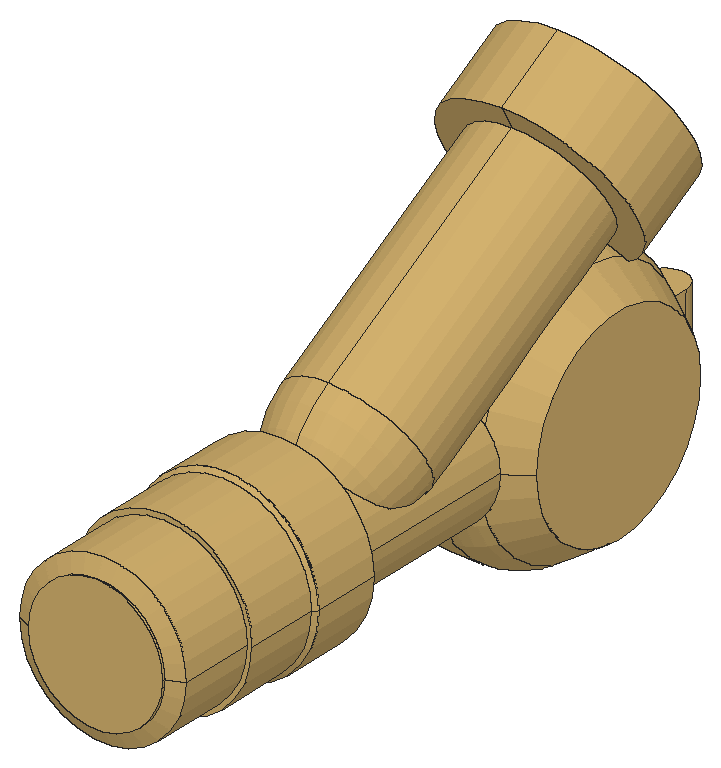
Revit family "Plumbing_Joints_Aignep_Saddle-Clamp-Connector-90240", category Pipe Fittings, Revit 2018
Family settings
  Round Connector Dimension = Use Diameter
  Part Type = Tee
  OmniClass Number = 23.27.43.00
  Work Plane-Based = No
  Always vertical = Yes
  Cut with Voids When Loaded = No
  Shared = No
Parameters (values of type "90240")
  R3 [instance] = Nominal Diameter 01 * 0.25  # 8.00 mm
  R2 [instance] = (L4 - AD) * 2.25  # 36.00 mm
  R1 [instance] = Nominal Diameter 01 * 0.2  # 6.40 mm
  Product Material = AIGNEP - Brass - Yellow
  ND2O [instance] = Nominal Diameter 02 * 1.25  # 25.00 mm
  Material secondary = ""
  CH1 [instance] = size_lookup(Lookup Table Name, "CH1", 0.00 mm, Nominal Diameter 01, Nominal Diameter 02)  # 5.00 mm
  AD [instance] = L4 - Nominal Diameter 02 * 0.8  # 41.00 mm
  B/2 [instance] = B / 2  # 15.75 mm
  Tick Size 02 [instance] = Nominal Diameter 02 * 0.8  # 16.00 mm
  QR code = "https://www.bimobject.com/en-us/aignep/product/saddle-clamp-connector-90240"
  Product url = "https://www.aignep.com/eng/Pipe-fittings-INFINITY/Air-Pipeline-INFINITY-Series/SADDLE-CLAMP-CONNECTOR"
  Product name = "Saddle clamp connector - 90240"
  Product group = "Fittings"
  Product family = "INFINITY"
  Product certification = "https://www.aignep.com/eng/Certificazioni/FREE-OF-SILICON"
  Product SKU = "Saddle-clamp-connector-90240"
  OmniClass Description = "Pipe Fittings"
  OmniClass Code = "23-27 43 00"
  Nominal Diameter 02 [instance] = 20 mm
  Nominal Diameter 01 [instance] = 32 mm
  Material main = "Brass"
  Manufacturer name = "Aignep Spa"
  Manufacturer country = "Italy"
  L2 [instance] = size_lookup(Lookup Table Name, "L2", 0.00 mm, Nominal Diameter 01, Nominal Diameter 02)  # 100.50 mm
  L1 [instance] = size_lookup(Lookup Table Name, "L1", 0.00 mm, Nominal Diameter 01, Nominal Diameter 02)  # 136.50 mm
  IFC Classification = "Pipe Fitting"
  Design country = "Italy"
  Description = "Saddle clamp connector"  # constant formula
  CH [instance] = size_lookup(Lookup Table Name, "CH", 0.00 mm, Nominal Diameter 01, Nominal Diameter 02)  # 30.00 mm
  L4 [instance] = size_lookup(Lookup Table Name, "L4", 0.00 mm, Nominal Diameter 01, Nominal Diameter 02)  # 57.00 mm
  L3 [instance] = size_lookup(Lookup Table Name, "L3", 0.00 mm, Nominal Diameter 01, Nominal Diameter 02)  # 78.00 mm
  URL = "https://www.aignep.com/"
  Tick Size 01 [instance] = Nominal Diameter 01 * 0.8  # 25.60 mm
  Product data url = "https://www.bimobject.com/aignep/product/saddle-clamp-connector-90240"
  Product Guid = "00a60b4e-ab84-47b8-8dff-073ddd7285eb"
  Model = "90240"  # constant formula
  Manufacturer = "Aignep Spa"  # constant formula
  Lookup Table Name = "Tee - 90240"  # constant formula
  Keynote = "15410"
  Edition number = 1
  F [instance] = size_lookup(Lookup Table Name, "F", 0.00 mm, Nominal Diameter 01, Nominal Diameter 02)  # 34.00 mm
  E [instance] = size_lookup(Lookup Table Name, "E", 0.00 mm, Nominal Diameter 01, Nominal Diameter 02)  # 34.50 mm
  BIMobject category = "Joints"
  B [instance] = size_lookup(Lookup Table Name, "B", 0.00 mm, Nominal Diameter 01, Nominal Diameter 02)  # 31.50 mm
  Assembly Code = "D2040100"
  Article Code [instance] = size_lookup(Lookup Table Name, "", "", Nominal Diameter 01, Nominal Diameter 02)  # "90240 00 003"
Reference planes
  plane 1 "Center (Front/Back)": y = 0
  plane 2: z = 0
  plane 3 "Center (Left/Right)": x = 0
  plane 4: x = -17
  plane 5: x = 17
  plane 6: y = -69
  plane 7: x = 48.5
  plane 8: x = -88
  plane 9: y = -100.5
  plane 10: y = 16
  plane 11: y = -16
  plane 12: x = -17.25
  plane 13: x = 17.25
  plane 14: y = 36
  plane 15: z = -100.5
  plane 16: z = 36
  plane 17: z = 57
  plane 18: z = -21
  plane 19: z = 26
Forms (mm)
  Sweep 1, solid, material "AIGNEP - Brass - Yellow" <- "Product Material", not visible, detail levels coarse
    path in 3D
      loop
        line (-17, 0, 0) -> (17, 0, 0)
    profile origin (0, 0, 0) x (0, 1, 0) y (0, 0, 1)
      loop
        circle (0, 0) r 16
  Sweep 2, solid, not visible, detail levels coarse
    path in 3D
      loop
        line (0, 0, 0) -> (0, -69, 0)
    profile origin (0, -34.5, 0) x (1, 0, 0) y (0, 0, 1)
      loop
        circle (0, 0) r 10
  Sweep 3, solid, material "AIGNEP - Brass - Yellow" <- "Product Material", detail levels fine
    path origin (-32.5, 55.314, 1200) x (0, 1, 0) y (0, 0, 1)
      loop
        circle (-55.314, -1200) r 16
    profile origin (-32.5, 0, 16) x (0, 0, -1) y (1, 0, 0)
      loop
        line (0, 15.5) -> (0, 49.5) -> (-3, 49.5) -> (-7.683, 42.622)
        arc (-7.683, 42.622) -> (-9.405, 39.35) -> (-10, 35.7) r 11.5
        line (-10, 35.7) -> (-10, 29.3)
        arc (-10, 29.3) -> (-9.405, 25.65) -> (-7.683, 22.378) r 11.5
        line (-7.683, 22.378) -> (-3, 15.5) -> (0, 15.5)
  Sweep 4, solid, material "AIGNEP - Brass - Yellow" <- "Product Material", detail levels fine
    path origin (0, 0, 0) x (1, 0, 0) y (0, 0, 1)
      loop
        circle (0, 0) r 10
    profile origin (0, 0, 10) x (0, 0, -1) y (0, -1, 0)
      loop
        line (0, 100.5) -> (-1.75, 100.5) -> (-5.55, 98.75) -> (-5.55, 84.75) -> (-6.5, 84.75) -> (-6.5, 71) -> (-7.25, 70.25) -> (-7.25, 57.35) -> (0, 57.35) -> (0, 100.5)
  Sweep 5, solid, material "AIGNEP - Brass - Yellow" <- "Product Material", detail levels fine
    path origin (0, 0, 0) x (0, 1, 0) y (0, 0, 1)
      loop
        line (32, 4) -> (32, -4)
    profile origin (0, 32, 0) x (1, 0, 0) y (0, 1, 0)
      loop
        line (-4, -11) -> (4, -11) -> (4, 0)
        arc (4, 0) -> (2.828, 2.828) -> (0, 4) r 4
        arc (0, 4) -> (-2.828, 2.828) -> (-4, 0) r 4
        line (-4, 0) -> (-4, -11)
  Revolve 6, solid, material "AIGNEP - Brass - Yellow" <- "Product Material", detail levels fine
    sketch origin (0, 0, 0) x (0, 1, 0) y (0, 0, 1)
      loop
        line (16, 41) -> (7.057, 57) -> (-6.037, 49.681) -> (-3.597, 45.317) -> (-46.261, 21.47)
        arc (-46.261, 21.47) -> (-54.141, 13.921) -> (-57.35, 3.491) r 21.697
        line (-57.35, 3.491) -> (-57.35, 0) -> (16, 41)
      axis (16, 41) -> (-57.35, 0)
    angle from 0 to 360
  Sweep 7, solid, material "AIGNEP - Brass - Yellow" <- "Product Material", detail levels fine
    path in 3D
      loop
        line (-17, 0, 0) -> (17, 0, 0)
    profile origin (0, 0, 0) x (0, 1, 0) y (0, 0, 1)
      loop
        circle (0, 0) r 16
  Sweep 8, solid, material "AIGNEP - Brass - Yellow" <- "Product Material", detail levels fine
    path origin (0, 0, 0) x (1, 0, 0) y (0, 1, 0)
      loop
        line (0, 0) -> (0, -100.5)
    profile origin (0, -50.25, 0) x (1, 0, 0) y (0, 0, 1)
      loop
        circle (0, 0) r 12.5
Cuts and joins
  joined: Sweep 3, Sweep 5, Sweep 7
  joined: Sweep 4, Sweep 8
Lines and regions (mm)
  model lines, detail levels coarse+medium
    curve 1: line (-17, 0, 0) -> (17, 0, 0)
    curve 2: line (0, 0, 0) -> (0, -69, 0)
    curve 3: line (-17, 12.8, 0) -> (-17, -12.8, 0)
    curve 4: line (17, 12.8, 0) -> (17, -12.8, 0)
    curve 5: line (-8, -69, 0) -> (8, -69, 0)
  sketch lines
    curve 6: line (-17, 0, 0) -> (17, 0, 0)
    curve 7: line (0, 0, 0) -> (0, -69, 0)
    curve 9: line (-17, 0, 0) -> (17, 0, 0)
  model lines, not visible, detail levels coarse
    curve 8: line (0, 16, 41) -> (0, -57.35, 0)
Dimensions and locks
  equal spacing: plane 4, plane 3 "Center (Left/Right)", plane 5
  "F": plane 4 to plane 5
  equal spacing: plane 10, plane 1 "Center (Front/Back)", plane 11
  "Nominal Diameter 01": plane 10 to plane 11
  equal spacing: plane 12, plane 3 "Center (Left/Right)", plane 13
  "E": plane 12 to plane 13
  equal spacing: curve 3, plane 1 "Center (Front/Back)", curve 3
  "Tick Size 01": curve 3 to curve 3
  equal spacing: curve 4, plane 1 "Center (Front/Back)", curve 4
  "Tick Size 01": curve 4 to curve 4
  equal spacing: curve 5, plane 3 "Center (Left/Right)", curve 5
  "Tick Size 02": curve 5 to curve 5
  "B": plane 6 to plane 9
  "L1": plane 14 to plane 9
  "L2": level to plane 15
  "L1": plane 16 to plane 15
  locked: plane 6 to Sweep 4 sketch curve at 1.25
  "B/2": Sweep 4 sketch curve to plane 9
  "L4": plane 17 to plane 2
  "L3": plane 17 to plane 18
  locked: plane 16 to plane 19 at 10
  Sweep 3 sketch curve to Sweep 3 sketch curve to profile plane = 0.00 mm locked, 3.00 mm locked
  equal spacing: Sweep 3 sketch curve, plane 3 "Center (Left/Right)", Sweep 3 sketch curve
  "R1": Sweep 3 sketch curve to Sweep 3 sketch curve
  "AD": curve 8 to plane 2
  equal spacing: Sweep 5 sketch curve, level, Sweep 5 sketch curve
  "R3": Sweep 5 sketch curve to Sweep 5 sketch curve  (x2)
  "L2": plane 9 to plane 1 "Center (Front/Back)"
  locked: Revolve 6 sketch curve to Revolve 6 sketch curve at 5
  locked: Revolve 6 sketch curve to Revolve 6 sketch curve at 15
  locked: plane 14 to Sweep 5 sketch curve at 4
  equal spacing: Sweep 5 sketch curve, profile plane, Sweep 5 sketch curve
  Sweep 5 sketch curve to plane 10 = 5.00 mm
  "Nominal Diameter 01": diameter of Sweep 1 sketch curve
  "Nominal Diameter 02": diameter of Sweep 2 sketch curve
  "Nominal Diameter 01": diameter of Sweep 3 sketch curve
  "Nominal Diameter 02": diameter of Sweep 4 sketch curve
  "Nominal Diameter 01": diameter of Sweep 7 sketch curve
  "ND2O": diameter of Sweep 8 sketch curve
  locked: curve 8 to Revolve 6 sketch curve (angle 90.00°)
  aligned and locked: level to plane 2
  aligned and locked: plane 1 "Center (Front/Back)" to curve 1
  aligned and locked: plane 4 to curve 1
  aligned and locked: curve 2 to plane 3 "Center (Left/Right)"
  aligned and locked: plane 1 "Center (Front/Back)" to curve 2
  aligned and locked: curve 3 to plane 4
  aligned and locked: plane 1 "Center (Front/Back)" to Sweep 1 sketch curve
  aligned and locked: plane 2 to Sweep 1 sketch curve
  aligned and locked: plane 3 "Center (Left/Right)" to Sweep 2 sketch curve
  aligned and locked: plane 2 to Sweep 2 sketch curve
  aligned and locked: plane 5 to curve 1
  aligned and locked: curve 4 to plane 5
  aligned and locked: curve 5 to plane 6
  aligned and locked: plane 1 "Center (Front/Back)" to Sweep 3 sketch curve
  aligned and locked: plane 2 to Sweep 3 sketch curve
  aligned and locked: Sweep 3 sketch curve to profile plane
  aligned and locked: plane 3 "Center (Left/Right)" to Sweep 4 sketch curve
  aligned and locked: level to Sweep 4 sketch curve
  aligned and locked: Sweep 4 sketch curve to plane 9
  aligned and locked: profile plane to Sweep 4 sketch curve
  aligned and locked: Sweep 3 sketch curve to plane 19
  aligned and locked: plane 2 to curve 8
  aligned and locked: Sweep 4 to curve 8
  aligned and locked: Revolve 6 sketch curve to curve 8  (x2)
  aligned and locked: Revolve 6 sketch curve to Revolve 6 sketch curve
  aligned and locked: Sweep 4 to Revolve 6 sketch curve
  aligned and locked: plane 17 to Revolve 6 sketch curve
  aligned and locked: plane 14 to Sweep 5 sketch curve
  aligned and locked: Sweep 3 sketch curve to plane 4
  aligned and locked: Sweep 3 sketch curve to plane 5
  aligned and locked: plane 1 "Center (Front/Back)" to Sweep 7 sketch curve
  aligned and locked: level to Sweep 7 sketch curve
  aligned and locked: plane 9 to Sweep 8 sketch curve
  aligned and locked: plane 1 "Center (Front/Back)" to Sweep 8 sketch curve
  aligned and locked: Sweep 8 sketch curve to plane 3 "Center (Left/Right)"
  aligned and locked: plane 3 "Center (Left/Right)" to Sweep 8 sketch curve
  aligned and locked: level to Sweep 8 sketch curve
Automatic sketch dimensions
  Revolve 6 sketch curve to plane 10 = 0.00 mm
  level to Revolve 6 sketch curve = 2.53 mm
  Revolve 6 sketch curve to plane 18 = 21.505 mm
  Revolve 6 sketch curve to Revolve 6 sketch curve = 11.089 mm
  Revolve 6 sketch curve to plane 14 = 0.707 mm
  Revolve 6 sketch curve to Revolve 6 sketch curve = 3.491 mm
  Sweep 3 sketch curve to plane 19 = 2.317 mm  (x2)
  Sweep 3 sketch curve to profile plane = 1.50 mm  (x2)
  profile plane to Sweep 4 sketch curve = 1.75 mm
  profile plane to Sweep 4 sketch curve = 5.55 mm
  profile plane to Sweep 4 sketch curve = 6.50 mm
  profile plane to Sweep 4 sketch curve = 7.25 mm
  Sweep 4 sketch curve to Sweep 4 sketch curve = 12.90 mm
  Sweep 4 sketch curve to Sweep 4 sketch curve = 0.75 mm
  Sweep 4 sketch curve to Sweep 4 sketch curve = 1.75 mm
  curve 8 to plane 10 = 0.00 mm
  Sweep 5 sketch curve to Sweep 5 sketch curve = 0.00 mm
Connectors
  piping at (-17, 0, 0), diameter 32, driven by "Nominal Diameter 01"
    settings: on Sweep 1, index 1, connector inside diameter 609.6 mm, connector length 0.00 mm, flow factor 0, pipe flow 0.0 L/s, pressure drop 0.0 Pa, fitting loss kfactor 0, connector angle 0.00°, fixture units 0, engagement length 0.00 mm, angle of deflection 0.00°, flow configuration 0, flow direction 0, fitting loss method 0, system type 28, joint type 0, gender type 0, connector reference index -1, connector utility 0, adjustable connector no, is connector primary yes, connector description ""
  piping at (17, 0, 0), diameter 32, driven by "Nominal Diameter 01"
    settings: on Sweep 1, index 2, connector inside diameter 609.6 mm, connector length 0.00 mm, flow factor 0, pipe flow 0.0 L/s, pressure drop 0.0 Pa, fitting loss kfactor 0, connector angle 0.00°, fixture units 0, engagement length 0.00 mm, angle of deflection 0.00°, flow configuration 0, flow direction 0, fitting loss method 0, system type 28, joint type 0, gender type 0, connector reference index -1, connector utility 0, adjustable connector no, is connector primary no, connector description ""
  piping at (0, -69, 0), diameter 20, driven by "Nominal Diameter 02"
    settings: on Sweep 2, index 3, connector inside diameter 609.6 mm, connector length 0.00 mm, flow factor 0, pipe flow 0.0 L/s, pressure drop 0.0 Pa, fitting loss kfactor 0, connector angle 0.00°, fixture units 0, engagement length 0.00 mm, angle of deflection 0.00°, flow configuration 0, flow direction 0, fitting loss method 0, system type 28, joint type 0, gender type 0, connector reference index -1, connector utility 0, adjustable connector no, is connector primary no, connector description ""
